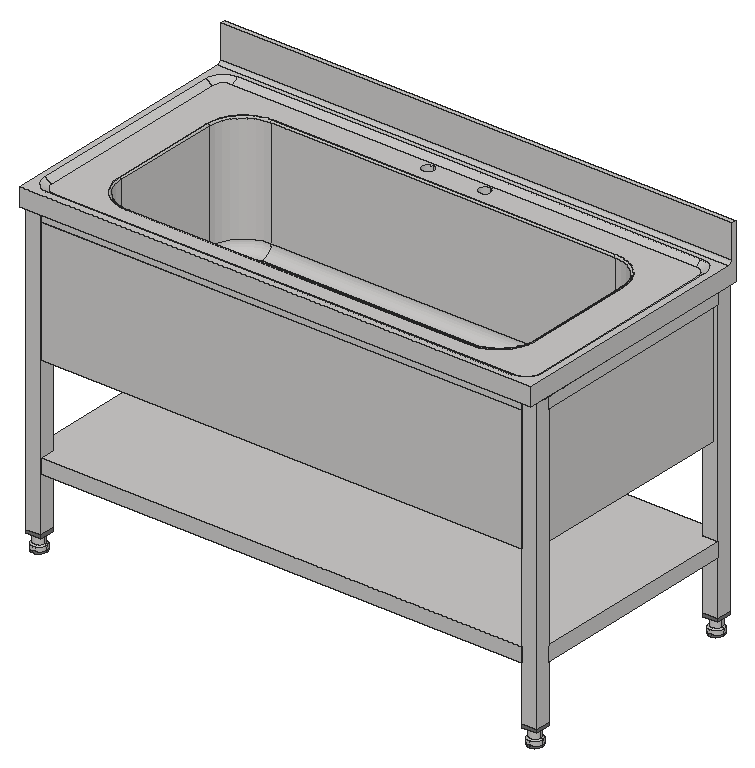
Revit family "QF_ELECTROLUXPROFESSIONAL_134122_LSGVLP1401", category Attrezzature speciali, Revit 2020
Family settings
  Quota connettore circolare = Usa diametro
  Tipo di parte = Normale
  Basato su piano di lavoro = No
  Sempre verticale = Sì
  Taglio con vuoti quando caricato = No
  Condiviso = No
  Punto di calcolo locali = No
Parameters (values of type "Standard")
  Weight = 40.00 kg
  Watts = 0 W
  Volts = 0 V
  URL Manufacturer = "https://www.electroluxprofessional.com/"
  URL = "https://www.electroluxprofessional.com/"
  Steam Supply Size = 0 mm
  Steam Supply Minimum Pressure = 0.0 Pa
  Steam Supply Maximum Pressure = 0.0 Pa
  Steam Consumption per Hour = 0
  Refrigeration Suction Line Size = 0.0 mm
  Refrigeration Liquid Line Size = 0.0 mm
  Refrigerant Compressor Remote = yes
  Prospetto di default = 0.0 mm
  Phase = 0
  Modello = "LSGVLP1401"
  Produttore = "Electrolux Professional"
  Length Actual = 1400.0 mm  # constant formula
  Item Number = "134122"
  Hot Water Size = 0 mm
  Height Actual = 1000.0 mm  # constant formula
  HP = "0 HP"
  Gas Size = 0 mm
  Gas KW = 0
  Gas Input Pressure = 0 W
  Direct Waste Size = 0 mm
  Descrizione = "SOAKING SINK UNIT 1 BOWL 1400 MM+SHELF"
  Depth Actual = 700.0 mm  # constant formula
  Cycle = 0 Hz
  Condensate Return Size = 0 mm
  Compressed Air Volume = 0.0 L/s
  Compressed Air Size = 0 mm
  Compressed Air Pressure = 0.0 Pa
  Cold Water Size = 0 mm
  Accessory = yes
Reference planes
  plane 1 "Center (Front/Back)": y = 0
  plane 2: z = 0
  plane 3 "Center (Left/Right)": x = 100
  plane 4 "LEFT": x = -600
  plane 5 "RIGHT": x = 800
  plane 6 "BACK": y = 350
  plane 7 "FRONT": y = -350
  plane 8 "Base": z = 850
  plane 9 "TOP": z = 900
  plane 10 "Sink_Base": z = 558
  plane 11: z = 441
  plane 12 "PlaneGrid": z = 890
  plane 13: x = 590
  plane 14: y = 127
  plane 15: y = 270
  plane 16: x = 22.5
  plane 17: x = 177.5
Forms (mm)
  Extrusion 1, solid, material "QF_Finishes_Stainless Steel"
    sketch origin (100, 0, 0) x (0, 1, 0) y (0, 0, 1)
      loop
        line (-350, 850) -> (350, 850) -> (350, 1000) -> (337, 1000) -> (337, 910)
        arc (337, 910) -> (334.071, 902.929) -> (327, 900) r 10
        line (327, 900) -> (-350, 900) -> (-350, 850)
    from 700 to -700
  Extrusion 2, void
    sketch origin (-10, -5.4, 558) x (0, -1, 0) y (1, 0, 0)
      loop
        circle (-132.4, 600) r 28
    from 32.343 to -63.145
  Revolve 3, solid, material "QF_Finishes_White"
    sketch origin (590, -5.4, 0) x (0, -1, 0) y (0, 0, 1)
      loop
        line (-148.9, 542.617) -> (-148.9, 528.5) -> (-147.4, 528.5) -> (-147.4, 543.449) -> (-158.958, 550.671) -> (-158.958, 558) -> (-160.458, 558) -> (-160.458, 549.84) -> (-148.9, 542.617)
      axis (-132.4, 558) -> (-132.4, 528.5)
    angle from 0 to 360
  Extrusion 4, void
    sketch origin (-6.5, 18.8, 558) x (0, -1, 0) y (1, 0, 0)
      loop
        circle (-251.2, 29) r 16
      loop
        circle (-251.2, 184) r 16
    from 342 to 275.381
  Extrusion 5, void
    sketch origin (-5, 0, 900) x (0, 1, 0) y (-1, 0, 0)
      loop
        arc (227.4, 365) -> (198.111, 435.711) -> (127.4, 465) r 100
        line (127.4, 465) -> (-173, 465)
        arc (-173, 465) -> (-243.711, 435.711) -> (-273, 365) r 100
        line (-273, 365) -> (-273, -575)
        arc (-273, -575) -> (-243.711, -645.711) -> (-173, -675) r 100
        line (-173, -675) -> (127.4, -675)
        arc (127.4, -675) -> (198.111, -645.711) -> (227.4, -575) r 100
        line (227.4, -575) -> (227.4, 365)
    from 0 to -50
  Extrusion 6, solid, material "QF_Finishes_Stainless Steel"
    sketch origin (-5, 0, 558) x (0, -1, 0) y (1, 0, 0)
      loop
        arc (-192.4, -365) -> (-173.362, -410.962) -> (-127.4, -430) r 65
        line (-127.4, -430) -> (173, -430)
        arc (173, -430) -> (218.962, -410.962) -> (238, -365) r 65
        line (238, -365) -> (238, 575)
        arc (238, 575) -> (218.962, 620.962) -> (173, 640) r 65
        line (173, 640) -> (-127.4, 640)
        arc (-127.4, 640) -> (-173.362, 620.962) -> (-192.4, 575) r 65
        line (-192.4, 575) -> (-192.4, -365)
    from 0 to 1.5
  Sweep 7, solid, material "QF_Finishes_Stainless Steel"
    path origin (-4.99, 0, 900) x (0, 1, 0) y (-1, 0, 0)
      loop
        line (227.4, -574.99) -> (227.4, 365.01)
        arc (227.4, 365.01) -> (198.111, 435.721) -> (127.4, 465.01) r 100
        line (127.4, 465.01) -> (-173, 465.01)
        arc (-173, 465.01) -> (-243.711, 435.721) -> (-273, 365.01) r 100
        line (-273, 365.01) -> (-273, -574.99)
        arc (-273, -574.99) -> (-243.711, -645.701) -> (-173, -674.99) r 100
        line (-173, -674.99) -> (127.4, -674.99)
        arc (127.4, -674.99) -> (198.111, -645.701) -> (227.4, -574.99) r 100
    profile origin (100, 227.4, 900) x (0, -1, 0) y (0, 0, 1)
      loop
        arc (5, -15) -> (3.536, -11.464) -> (0, -10) r 5
        line (0, -10) -> (0, -11.5)
        arc (0, -11.5) -> (2.475, -12.525) -> (3.5, -15) r 3.5
        line (3.5, -15) -> (3.5, -310.5)
        arc (3.5, -310.5) -> (12.726, -332.774) -> (35, -342) r 31.5
        line (35, -342) -> (35, -340.5)
        arc (35, -340.5) -> (13.787, -331.713) -> (5, -310.5) r 30
        line (5, -310.5) -> (5, -15)
  Blend 8, void
    base sketch origin (-4.99, 0, 900) x (0, 1, 0) y (-1, 0, 0)
      loop
        arc (312.974, 529.865) -> (298.986, 563.636) -> (265.215, 577.624) r 47.76
        line (265.215, 577.624) -> (-284.987, 577.624)
        arc (-284.987, 577.624) -> (-319.177, 563.462) -> (-333.339, 529.272) r 48.352
        line (-333.339, 529.272) -> (-333.339, -739.252)
        arc (-333.339, -739.252) -> (-319.177, -773.442) -> (-284.987, -787.604) r 48.352
        line (-284.987, -787.604) -> (265.215, -787.604)
        arc (265.215, -787.604) -> (298.986, -773.616) -> (312.974, -739.845) r 47.76
        line (312.974, -739.845) -> (312.974, 529.865)
    top sketch origin (-4.99, 0, 900) x (0, 1, 0) y (-1, 0, 0)
      loop
        arc (294.321, 530.31) -> (285.645, 551.255) -> (264.7, 559.931) r 29.621
        line (264.7, 559.931) -> (-285.3, 559.931)
        arc (-285.3, 559.931) -> (-306.245, 551.255) -> (-314.921, 530.31) r 29.621
        line (-314.921, 530.31) -> (-314.921, -740.29)
        arc (-314.921, -740.29) -> (-306.245, -761.235) -> (-285.3, -769.911) r 29.621
        line (-285.3, -769.911) -> (264.7, -769.911)
        arc (264.7, -769.911) -> (285.645, -761.235) -> (294.321, -740.29) r 29.621
        line (294.321, -740.29) -> (294.321, 530.31)
    from 0 to -10
Cuts and joins
  Extrusion 4, Extrusion 5, Blend 8 cuts Extrusion 1
  Extrusion 2 cuts Extrusion 6
  joined: Extrusion 6, Sweep 7
Lines and regions (mm)
  symbolic lines
    curve 1: line (800, 350, 900) -> (-600, 350, 900)
    curve 2: line (-600, 350, 900) -> (-600, -349.6, 900)
    curve 3: line (-600, -349.6, 900) -> (800, -349.6, 900)
    curve 4: line (800, -349.6, 900) -> (800, 350, 900)
    curve 5: line (800, 337.4, 900) -> (-600, 337.4, 900)
    curve 6: arc (-582.614, 265.215, 900) -> (-568.626, 298.986, 900) -> (-534.855, 312.974, 900) r 47.76
    curve 7: arc (-535.3, 294.321, 900) -> (-556.245, 285.645, 900) -> (-564.921, 264.7, 900) r 29.621
    curve 8: line (-534.855, 312.974, 900) -> (734.855, 312.974, 900)
    curve 9: line (735.3, 294.321, 900) -> (-535.3, 294.321, 900)
    curve 10: arc (764.921, 264.7, 900) -> (756.245, 285.645, 900) -> (735.3, 294.321, 900) r 29.621
    curve 11: arc (734.855, 312.974, 900) -> (768.626, 298.986, 900) -> (782.614, 265.215, 900) r 47.76
    curve 12: line (782.614, 265.215, 900) -> (782.614, -284.987, 900)
    curve 13: line (764.921, -285.3, 900) -> (764.921, 264.7, 900)
    curve 14: line (-564.921, 264.7, 900) -> (-564.921, -285.3, 900)
    curve 15: line (-582.614, -284.987, 900) -> (-582.614, 265.215, 900)
    curve 16: arc (-534.262, -333.339, 900) -> (-568.452, -319.177, 900) -> (-582.614, -284.987, 900) r 48.352
    curve 17: arc (-564.921, -285.3, 900) -> (-556.245, -306.245, 900) -> (-535.3, -314.921, 900) r 29.621
    curve 18: line (-535.3, -314.921, 900) -> (735.3, -314.921, 900)
    curve 19: line (734.262, -333.339, 900) -> (-534.262, -333.339, 900)
    curve 20: arc (782.614, -284.987, 900) -> (768.452, -319.177, 900) -> (734.262, -333.339, 900) r 48.352
    curve 21: arc (735.3, -314.921, 900) -> (756.245, -306.245, 900) -> (764.921, -285.3, 900) r 29.621
    curve 22: arc (-370, 227.4, 900) -> (-440.711, 198.111, 900) -> (-470, 127.4, 900) r 100
    curve 23: line (570, 227.4, 900) -> (-370, 227.4, 900)
    curve 24: line (-470, 127.4, 900) -> (-470, -173, 900)
    curve 25: arc (-470, -173, 900) -> (-440.711, -243.711, 900) -> (-370, -273, 900) r 100
    curve 26: line (-370, -273, 900) -> (570, -273, 900)
    curve 27: arc (570, -273, 900) -> (640.711, -243.711, 900) -> (670, -173, 900) r 100
    curve 28: line (670, -173, 900) -> (670, 127.4, 900)
    curve 29: arc (670, 127.4, 900) -> (640.711, 198.111, 900) -> (570, 227.4, 900) r 100
Dimensions and locks
  plane 4 "LEFT" to plane 5 "RIGHT" = 1400.0 mm
  equal spacing: plane 4 "LEFT", plane 3 "Center (Left/Right)", plane 5 "RIGHT"
  locked: plane 8 "Base" to level at 850
  locked: Extrusion 1 to level at 1000
  plane 9 "TOP" to level = 900.0 mm
  plane 6 "BACK" to plane 7 "FRONT" = 700.0 mm
  equal spacing: plane 6 "BACK", plane 1 "Center (Front/Back)", plane 7 "FRONT"
  plane 10 "Sink_Base" to level = 558.0 mm
  plane 11 to level = 441.0 mm
  locked: plane 13 to plane 5 "RIGHT" at 210
  locked: plane 6 "BACK" to plane 14 at 223
  plane 6 "BACK" to plane 15 = 80.0 mm
  locked: plane 16 to plane 17 at 155
  aligned and locked: level to plane 2
  aligned and locked: Extrusion 1 to plane 4 "LEFT"
  aligned and locked: plane 5 "RIGHT" to Extrusion 1
  aligned and locked: curve 2 to plane 4 "LEFT"
Automatic sketch dimensions
  Extrusion 1 sketch curve to plane 7 "FRONT" = 0.0 mm
  Extrusion 1 sketch curve to plane 9 "TOP" = 0.0 mm
  Extrusion 1 sketch curve to plane 6 "BACK" = 0.0 mm
  Extrusion 1 sketch curve to plane 8 "Base" = 0.0 mm
  plane 9 "TOP" to Extrusion 1 sketch curve = 10.0 mm
  Extrusion 1 sketch curve to plane 6 "BACK" = 23.0 mm
  Extrusion 1 sketch curve to Extrusion 1 sketch curve = 90.0 mm
  plane 10 "Sink_Base" to Revolve 3 sketch curve = 0.0 mm
  Revolve 3 sketch curve to Revolve 3 sketch curve = 1.5 mm  (x2)
  plane 10 "Sink_Base" to Revolve 3 sketch curve = 7.329 mm
  Revolve 3 sketch curve to Revolve 3 sketch curve = 10.058 mm
  Revolve 3 sketch curve to Revolve 3 sketch curve = 0.831 mm  (x2)
  Revolve 3 sketch curve to Revolve 3 sketch curve = 7.222 mm
  Revolve 3 sketch curve to Revolve 3 sketch curve = 14.117 mm
  Revolve 3 sketch curve to Revolve 3 sketch curve = 24.0 mm
  Revolve 3 sketch curve to plane 10 "Sink_Base" = 26.5 mm
  curve 3 to plane 5 "RIGHT" = 0.0 mm
  curve 2 to plane 6 "BACK" = 0.0 mm
  plane 7 "FRONT" to Blend 8 sketch curve = 64.7 mm
  Blend 8 sketch curve to Blend 8 sketch curve = 29.621 mm  (x3)
  Blend 8 sketch curve to plane 5 "RIGHT" = 64.7 mm
  plane 4 "LEFT" to Blend 8 sketch curve = 64.7 mm
  plane 7 "FRONT" to Blend 8 sketch curve = 16.661 mm
  plane 4 "LEFT" to Blend 8 sketch curve = 17.386 mm
  plane 7 "FRONT" to Blend 8 sketch curve = 65.013 mm  (x2)
  Blend 8 sketch curve to plane 5 "RIGHT" = 17.386 mm
  Blend 8 sketch curve to Blend 8 sketch curve = 47.76 mm
  Sweep 7 sketch curve to Sweep 7 sketch curve = 0.0 mm  (x4)
  Sweep 7 sketch curve to profile plane = 0.0 mm
  Sweep 7 sketch curve to profile plane = 3.5 mm
  Sweep 7 sketch curve to Sweep 7 sketch curve = 1.5 mm
  Sweep 7 sketch curve to Sweep 7 sketch curve = 30.0 mm
  Sweep 7 sketch curve to profile plane = 342.0 mm
  Sweep 7 sketch curve to profile plane = 15.0 mm
  plane 7 "FRONT" to Sweep 7 sketch curve = 77.0 mm
  Sweep 7 sketch curve to Sweep 7 sketch curve = 100.0 mm  (x3)
  plane 4 "LEFT" to Sweep 7 sketch curve = 230.0 mm
  Extrusion 6 sketch curve to Extrusion 6 sketch curve = 65.0 mm  (x2)
  plane 4 "LEFT" to Extrusion 6 sketch curve = 230.0 mm
  plane 1 "Center (Front/Back)" to Extrusion 6 sketch curve = 173.0 mm  (x2)
  Extrusion 2 sketch curve to plane 5 "RIGHT" = 210.0 mm
  Extrusion 6 sketch curve to plane 5 "RIGHT" = 230.0 mm
  Sweep 7 sketch curve to plane 5 "RIGHT" = 230.0 mm
  Blend 8 sketch curve to plane 6 "BACK" = 84.785 mm  (x2)
  Blend 8 sketch curve to plane 6 "BACK" = 85.3 mm  (x2)
  Extrusion 2 sketch curve to plane 14 = 0.0 mm
  Revolve 3 sketch curve to plane 14 = 28.058 mm
  Revolve 3 sketch curve to plane 14 = 0.0 mm
  Extrusion 6 sketch curve to plane 14 = 0.4 mm  (x2)
  Sweep 7 sketch curve to plane 14 = 0.4 mm  (x2)
  Extrusion 4 sketch curve to plane 15 = 0.0 mm  (x2)
  Extrusion 4 sketch curve to plane 16 = 0.0 mm
  Extrusion 4 sketch curve to plane 17 = 0.0 mm
  plane 7 "FRONT" to curve 3 = 0.4 mm
  curve 5 to plane 6 "BACK" = 12.6 mm
  curve 7 to plane 15 = 5.3 mm
  curve 7 to curve 6 = 0.515 mm
  curve 8 to plane 6 "BACK" = 37.026 mm
  plane 4 "LEFT" to curve 8 = 65.145 mm
  curve 6 to curve 7 = 0.445 mm
  curve 7 to curve 6 = 18.653 mm
  curve 8 to plane 5 "RIGHT" = 65.145 mm
  curve 9 to curve 8 = 0.445 mm
  curve 10 to plane 15 = 5.3 mm
  curve 10 to curve 11 = 0.515 mm
  curve 13 to curve 12 = 0.313 mm
  plane 7 "FRONT" to curve 14 = 64.7 mm
  curve 14 to curve 15 = 0.313 mm
  curve 16 to curve 14 = 30.659 mm
  curve 16 to curve 17 = 1.038 mm
  curve 13 to curve 18 = 29.621 mm
  curve 22 to plane 14 = 0.4 mm
  curve 23 to plane 15 = 42.6 mm
  curve 22 to curve 6 = 164.855 mm
  curve 23 to plane 13 = 20.0 mm
  curve 16 to curve 24 = 111.987 mm
  curve 25 to curve 24 = 100.0 mm
  curve 26 to plane 13 = 20.0 mm
  curve 28 to plane 14 = 0.4 mm
  Extrusion 5 sketch curve to plane 14 = 0.4 mm  (x2)
  Extrusion 5 sketch curve to plane 15 = 42.6 mm
  Extrusion 5 sketch curve to plane 13 = 20.0 mm  (x2)
  Extrusion 5 sketch curve to Extrusion 5 sketch curve = 100.0 mm
  plane 1 "Center (Front/Back)" to Extrusion 5 sketch curve = 173.0 mm
  plane 4 "LEFT" to Extrusion 5 sketch curve = 230.0 mm
  radius of Extrusion 2 sketch curve = 28.0 mm
  radius of Extrusion 4 sketch curve = 16.0 mm  (x2)
Nested families
  nested 1: "TAV_W1400B_CASSH_LOWSHELF" at (-50, 0, 0), type "TAV_W1400B_CASSH_LOWSHELF"
Connectors
  piping at (590, 127, 528.5), diameter 30
    settings: on Revolve 3, index 1, connector inside diameter 609.6 mm, connector length 0.0 mm, flow factor 0, pipe flow 0.0 L/s, pressure drop 0.0 Pa, fitting loss kfactor 0, connector angle 0.00°, fixture units 0, engagement length 0.0 mm, angle of deflection 0.00°, flow configuration 1, flow direction 2, fitting loss method 0, system type 16, joint type 0, gender type 0, connector reference index -1, connector utility 0, adjustable connector no, is connector primary yes, connector description "Drain 2"
Definition of nested family "TAV_W1400B_CASSH_LOWSHELF"
  Parameters
    Default Elevation = 0.0 mm
    Model = "TAV_W1400B_CASSH_LOWSHELF"
    Manufacturer = "Electrolux Professional"
    Description = ""
  Reference planes
    plane 1 "Center (Front/Back)": y = 0
    plane 2: z = 0
    plane 3 "Center (Left/Right)": x = 150
    plane 4 "LEFT": x = -550
    plane 5 "RIGHT": x = 850
    plane 6 "BACK": y = 350
    plane 7 "FRONT": y = -350
    plane 8 "Base": z = 850
    plane 9 "TOP": z = 900
    plane 10: x = -529
    plane 11: x = 829
    plane 12: y = 310
    plane 13: y = -310
    plane 14 "RIPIANO": z = 200
  Forms (mm)
    Extrusion 1, solid
      sketch origin (0, 0.5, 850) x (0, 1, 0) y (-1, 0, 0)
        loop
          line (289.5, 534.5) -> (-290.5, 534.5) -> (-290.5, 533) -> (289.5, 533) -> (289.5, 534.5)
        loop
          line (-290.5, -834.5) -> (289.5, -834.5) -> (289.5, -833) -> (-290.5, -833) -> (-290.5, -834.5)
        loop
          line (-330.5, 509) -> (-330.5, -809) -> (-329, -809) -> (-329, 509) -> (-330.5, 509)
      from -30 to -370
    Extrusion 2, solid
      sketch origin (0, 0, 200) x (0, 1, 0) y (-1, 0, 0)
        loop
          line (-290, 549) -> (-290, 509) -> (-330, 509) -> (-330, -809) -> (-290, -809) -> (-290, -849) -> (290, -849) -> (290, -809) -> (330, -809) -> (330, 509) -> (290, 509) -> (290, 549) -> (-290, 549)
      from 0 to 40
    Extrusion 3, solid
      sketch origin (-4.534, 0, 850) x (0, 1, 0) y (-1, 0, 0)
        loop
          line (-330, 504.466) -> (-330, -813.534) -> (-290.006, -813.534) -> (-290.006, 504.466) -> (-330, 504.466)
        loop
          line (330, 504.466) -> (290, 504.466) -> (290, -813.534) -> (330, -813.534) -> (330, 504.466)
      from 0 to -30
    Extrusion 4, solid
      sketch origin (-4.534, 0, 850) x (0, 1, 0) y (-1, 0, 0)
        loop
          line (-290.006, 544.466) -> (-290.006, 504.466) -> (290, 504.466) -> (290, 544.466) -> (-290.006, 544.466)
        loop
          line (-290.006, -853.534) -> (290, -853.534) -> (290, -813.534) -> (-290.006, -813.534) -> (-290.006, -853.534)
      from 0 to -30
  Lines and regions (mm)
    symbolic lines, detail levels coarse
      curve 1: line (-550, 350, 200) -> (850, 350, 200)
      curve 2: line (-550, -350, 200) -> (-550, 350, 200)
      curve 3: line (850, -350, 200) -> (-550, -350, 200)
      curve 4: line (850, 350, 200) -> (850, -350, 200)
  Dimensions and locks
    plane 4 "LEFT" to plane 5 "RIGHT" = 1400.0 mm
    equal spacing: plane 4 "LEFT", plane 3 "Center (Left/Right)", plane 5 "RIGHT"
    locked: plane 8 "Base" to level at 850
    plane 4 "LEFT" to plane 10 = 21.0 mm
    plane 11 to plane 5 "RIGHT" = 21.0 mm
    plane 9 "TOP" to level = 900.0 mm
    plane 6 "BACK" to plane 12 = 40.0 mm
    plane 13 to plane 7 "FRONT" = 40.0 mm
    plane 6 "BACK" to plane 7 "FRONT" = 700.0 mm
    plane 12 to plane 13 = 620.0 mm
    equal spacing: plane 6 "BACK", plane 1 "Center (Front/Back)", plane 7 "FRONT"
    plane 14 "RIPIANO" to level = 200.0 mm
    plane 2 to plane 14 "RIPIANO" to plane 8 "Base" = 200.0 mm, 650.0 mm
    aligned and locked: level to plane 2
    aligned and locked: plane 10 to nested 1
    aligned and locked: nested 1 to plane 13
    aligned and locked: plane 11 to nested 2
    aligned and locked: nested 2 to plane 13
    aligned and locked: plane 11 to nested 4
    aligned and locked: nested 4 to plane 12
    aligned and locked: plane 10 to nested 3
    aligned and locked: nested 3 to plane 12
    aligned and locked: Extrusion 1 to Extrusion 3
    aligned and locked: Extrusion 1 sketch curve to Extrusion 3
    aligned and locked: Extrusion 3 to Extrusion 1 sketch curve
    aligned and locked: Extrusion 2 sketch curve to Extrusion 3  (x4)
    aligned and locked: Extrusion 2 sketch curve to Extrusion 4  (x2)
    aligned and locked: Extrusion 1 sketch curve to Extrusion 4
  Automatic sketch dimensions
    plane 7 "FRONT" to Extrusion 1 sketch curve = 20.0 mm
    Extrusion 1 sketch curve to Extrusion 1 sketch curve = 1.5 mm  (x3)
    plane 13 to Extrusion 1 sketch curve = 20.0 mm  (x2)
    Extrusion 1 sketch curve to plane 12 = 20.0 mm
    Extrusion 1 sketch curve to plane 5 "RIGHT" = 17.0 mm
    plane 4 "LEFT" to Extrusion 1 sketch curve = 17.0 mm
    plane 7 "FRONT" to Extrusion 2 sketch curve = 20.0 mm
    plane 13 to Extrusion 2 sketch curve = 20.0 mm  (x2)
    Extrusion 2 sketch curve to plane 12 = 20.0 mm  (x2)
    plane 12 to Extrusion 2 sketch curve = 20.0 mm
    plane 7 "FRONT" to Extrusion 3 sketch curve = 20.0 mm
    plane 13 to Extrusion 3 sketch curve = 19.994 mm
    Extrusion 3 sketch curve to plane 12 = 20.0 mm
    plane 12 to Extrusion 3 sketch curve = 20.0 mm
    curve 3 to plane 4 "LEFT" = 0.0 mm
    curve 3 to plane 7 "FRONT" = 0.0 mm
    curve 2 to plane 6 "BACK" = 0.0 mm
    curve 1 to plane 5 "RIGHT" = 0.0 mm
    plane 13 to Extrusion 4 sketch curve = 19.994 mm  (x2)
    Extrusion 4 sketch curve to plane 12 = 20.0 mm  (x2)
    Extrusion 4 sketch curve to plane 5 "RIGHT" = 1.0 mm
    plane 4 "LEFT" to Extrusion 4 sketch curve = 1.0 mm
    plane 10 to Extrusion 3 sketch curve = 20.0 mm  (x2)
    plane 10 to Extrusion 4 sketch curve = 20.0 mm
    Extrusion 3 sketch curve to plane 11 = 20.0 mm  (x2)
    Extrusion 4 sketch curve to plane 11 = 20.0 mm
  Nested families
    nested 1: "FEET_40x40B_TAV" at (-529, -310, 0), type "FEET_40x40B_TAV"
    nested 2: "FEET_40x40B_TAV" at (829, -310, 0), type "FEET_40x40B_TAV"
    nested 3: "FEET_40x40B_TAV" at (-529, 310, 0), type "FEET_40x40B_TAV"
    nested 4: "FEET_40x40B_TAV" at (829, 310, 0), type "FEET_40x40B_TAV"
  Definition of nested family "FEET_40x40B_TAV"
    Parameters
      Default Elevation = 0.0 mm
      FEET = 850.0 mm
    Reference planes
      plane 1 "Center (Front/Back)": y = 0
      plane 2: z = 0
      plane 3 "Center (Left/Right)": x = 0
      plane 4: z = 850
    Forms (mm)
      Extrusion 1, solid
        sketch origin (0, 0, 0) x (1, 0, 0) y (0, 1, 0)
          loop
            line (-20, -20) -> (20, -20) -> (20, 20) -> (-20, 20) -> (-20, -20)
        from 50 to 850
      Extrusion 2, solid
        sketch origin (0, 0, 0) x (1, 0, 0) y (0, 1, 0)
          loop
            circle (0, 0) r 20
        from 0 to 5
      Extrusion 3, solid
        sketch origin (0, 0, 0) x (1, 0, 0) y (0, 1, 0)
          loop
            line (-20, -20) -> (20, -20) -> (20, 20) -> (-20, 20) -> (-20, -20)
        from 50 to 42
      Revolve 4, solid
        sketch origin (0, 0, 0) x (1, 0, 0) y (0, 0, 1)
          loop
            line (0, 42) -> (-15, 42) -> (-15, 20) -> (-20, 15) -> (-20, 5) -> (0, 5) -> (0, 42)
          axis (0, 42) -> (0, 5)
        angle from 0 to 360
    Lines and regions (mm)
      symbolic lines
        curve 1: line (0, -1.503, 0) -> (0, 1.508, 0)
        curve 2: line (1.561, 0, 0) -> (-1.439, 0, 0)
    Dimensions and locks
      "FEET": plane 4 to plane 2
      aligned and locked: level to plane 2
    Automatic sketch dimensions
      plane 1 "Center (Front/Back)" to curve 2 = 0.0 mm
      curve 1 to plane 3 "Center (Left/Right)" = 0.0 mm
      curve 2 to plane 3 "Center (Left/Right)" = 1.439 mm
      plane 3 "Center (Left/Right)" to curve 2 = 1.561 mm
      plane 1 "Center (Front/Back)" to curve 1 = 1.503 mm
      curve 1 to plane 1 "Center (Front/Back)" = 1.508 mm
      Extrusion 1 sketch curve to plane 3 "Center (Left/Right)" = 20.0 mm
      plane 3 "Center (Left/Right)" to Extrusion 1 sketch curve = 20.0 mm
      plane 1 "Center (Front/Back)" to Extrusion 1 sketch curve = 20.0 mm
      Extrusion 1 sketch curve to plane 1 "Center (Front/Back)" = 20.0 mm
      plane 1 "Center (Front/Back)" to Extrusion 2 sketch curve = 0.0 mm
      Extrusion 2 sketch curve to plane 3 "Center (Left/Right)" = 0.0 mm
      Extrusion 3 sketch curve to plane 3 "Center (Left/Right)" = 20.0 mm
      plane 3 "Center (Left/Right)" to Extrusion 3 sketch curve = 20.0 mm
      plane 1 "Center (Front/Back)" to Extrusion 3 sketch curve = 20.0 mm
      Extrusion 3 sketch curve to plane 1 "Center (Front/Back)" = 20.0 mm
      Revolve 4 sketch curve to plane 3 "Center (Left/Right)" = 0.0 mm  (x2)
      Revolve 4 sketch curve to plane 3 "Center (Left/Right)" = 15.0 mm
      Revolve 4 sketch curve to Revolve 4 sketch curve = 5.0 mm  (x3)
      level to Revolve 4 sketch curve = 5.0 mm
      Revolve 4 sketch curve to Revolve 4 sketch curve = 10.0 mm
      Revolve 4 sketch curve to Revolve 4 sketch curve = 22.0 mm
      Revolve 4 sketch curve to level = 9.561 mm
      radius of Extrusion 2 sketch curve = 20.0 mm
